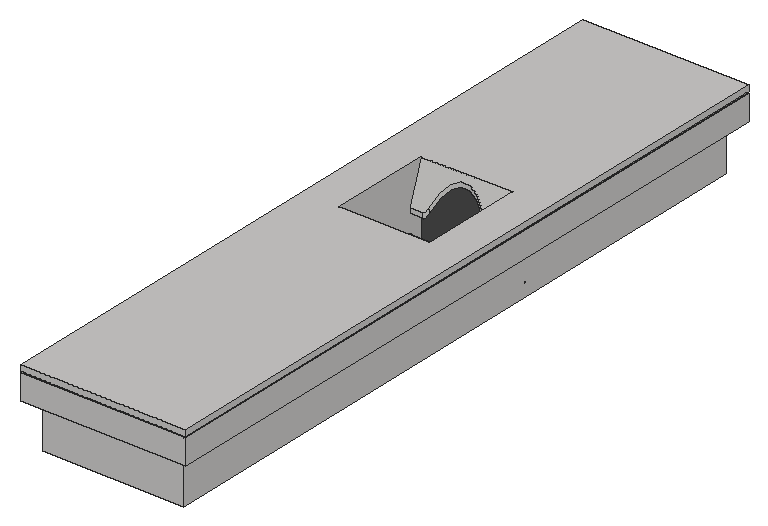
Revit family "Paper_Towel_Dispenser_Waste_Receptacle-Bobrick-TrimLineSeries-B-38032", category Specialty Equipment, host Face, Revit 2018
Family settings
  Host = Face
  Round Connector Dimension = Use Diameter
  Part Type = Normal
  OmniClass Number = 23.40.20.21.17
  OmniClass Title = Paper Towel Dispensers, Disposal Units
  Cut with Voids When Loaded = No
  Shared = Yes
  Room Calculation Point = No
Parameters (values of type "B-38032")
  Width = 13"
  Waste Container Material = Plastic-Bobrick
  Waste Capacity = "6.3-gal. (24-L)"  # constant formula
  URL = "http://www.bobrick.com/"
  Type Comments = "Dispenses 600 C-fold, 800 multifold or 1100 single fold towels."
  TowelMate Towel Rod Assembly Material = Nylon-Bobrick
  Skirt Material = Stainless Steel-Bobrick-Satin
  Rough Wall Opening Width = 11 1/2"
  Rough Wall Opening Height = 53 5/8"
  Rough Wall Opening Depth = 3 3/4"
  Revised Date = "10/15/2021"  # constant formula
  Product Page URL = "https://www.bobrick.com/products/washroom-accessories/washroom-accessories-catalog/product/b-38032/"
  Product Documentation Link = "https://www.bobrick.com/wp-content/uploads/B-38032_td.pdf"
  Paper Towel Dispenser Material = Stainless Steel-Bobrick-Satin
  Mounting Height Constraint = if(ADA, 59 3/4", if(Mounting Height < 69", 69", if(Mounting Height > 76", 76", Mounting Height)))  # 59 3/4"
  Mounting Height = 59 3/4"
  Model = "B-38032"
  Material = "Stainless Steel-Bobrick-Satin"
  Manufacturer = "Bobrick"
  Installation Type = "Rcessed Wall Mounted"
  Height = 55 1/8"
  Door Material = Stainless Steel-Bobrick-Satin
  Description = "TrimLineSeries Paper Towel Dispenser And Waste Receptacle"
  Depth = 2 9/16" + 3 5/8"  # 6 3/16"
  Default Elevation = 0"
  Creation Date = "04/17/2018"  # constant formula
  Cabinet Material = Metal-Bobrick-Stainless Steel
  Assembly Code = "C1030200"
  ADA Compliant = if(ADA, 1 > 0, 1 < 0)  # yes
  ADA = yes
  3803-130 Towel Mate = yes
Reference planes (in)
  plane 1 "Center (Front/Back)": y = 0
  plane 2: z = 0
  plane 3 "Center (Left/Right)": x = 0
  plane 4: x = -6.5
  plane 5: y = 27.5625
  plane 6: y = -27.5625
  plane 7: x = 6.5
  plane 8: x = 5.53125
  plane 9: x = -5.53125
  plane 10: y = 26.59375
  plane 11: y = -26.59375
  plane 12: z = -3.625
  plane 13: z = 2.5625
  plane 14: y = 6.6875
  plane 15: z = 2
  plane 16: z = -3.75
  plane 17: y = -33.15625
Forms (in)
  Extrusion 1, solid, material "Metal-Bobrick-Stainless Steel" <- "Cabinet Material"
    sketch origin (0, 0, 0) x (1, 0, 0) y (0, 1, 0)
      loop
        line (-6.5, 27.5625) -> (-6.5, -27.5625) -> (6.5, -27.5625) -> (6.5, 27.5625) -> (-6.5, 27.5625)
    from 0 to 2.5625
  Sweep 2, void
    path origin (0, 0, 0) x (1, 0, 0) y (0, 1, 0)
      loop
        line (-6.5, 27.5625) -> (-6.5, -27.5625) -> (6.5, -27.5625) -> (6.5, 27.5625) -> (-6.5, 27.5625)
    profile origin (0, 27.5625, 0) x (0, 1, 0) y (0, 0, 1)
      loop
        circle (0, 2) r 0.05035
  Extrusion 3, void
    sketch origin (0, -12.0625, 0) x (1, 0, 0) y (0, 1, 0)
      loop
        line (-3.71141, 20.26188) -> (-3.71141, 11.9375) -> (3.71141, 11.9375) -> (3.71141, 20.26188) -> (-3.71141, 20.26188)
    from -3.625 to 3.30553
  Extrusion 4, solid, material "Metal-Bobrick-Stainless Steel" <- "Cabinet Material"
    sketch origin (6.5, 27.5625, -3.625) x (0, -1, 0) y (0, 0, -1)
      loop
        line (54.15625, 0) -> (0.96875, 0) -> (0.96875, -0.125) -> (54.15625, -0.125) -> (54.15625, 0)
    from -12.03125 to -1.09375
  Extrusion 5, solid, material "Metal-Bobrick-Stainless Steel" <- "Cabinet Material"
    sketch origin (0, -12.0625, 0) x (1, 0, 0) y (0, 1, 0)
      loop
        line (-3.58641, 20.13688) -> (-3.58641, 12.0625) -> (3.58641, 12.0625) -> (3.58641, 20.13688) -> (-3.58641, 20.13688)
      loop
        line (-3.71141, 20.26188) -> (-3.71141, 11.9375) -> (3.71141, 11.9375) -> (3.71141, 20.26188) -> (-3.71141, 20.26188)
    from -3.625 to 2.5625
  Extrusion 6, solid, material "Metal-Bobrick-Stainless Steel" <- "Cabinet Material"
    sketch origin (0, 0, 0.53441) x (0, 1, 0) y (0, 0, 1)
      loop
        line (8.07438, 1.66265) -> (8.07438, 2.02812) -> (5.8678, -4.03441) -> (5.58766, -4.03441) -> (5.58766, -4.15941) -> (5.95532, -4.15941) -> (8.07438, 1.66265)
    from -3.58641 to 3.58641
  Extrusion 7, void
    sketch origin (0, 0, 0) x (1, 0, 0) y (0, 1, 0)
      loop
        line (-3.58641, 6.07204) -> (3.58641, 6.07204) -> (3.58641, 6.9375) -> (2.64341, 6.9375)
        arc (2.64341, 6.9375) -> (2.43706, 6.974) -> (2.25575, 7.07907) r 0.60156
        arc (2.25575, 7.07907) -> (0.03836, 7.88874) -> (-2.17892, 7.07877) r 3.44051
        arc (-2.17892, 7.07877) -> (-2.3598, 6.97392) -> (-2.56568, 6.9375) r 0.60007
        line (-2.56568, 6.9375) -> (-3.58641, 6.9375) -> (-3.58641, 6.07204)
    from -3.37756 to 2.39502
  Extrusion 8, void
    sketch origin (-5.53125, 26.59375, 0) x (-1, 0, 0) y (0, 0, -1)
      loop
        line (-10.9375, 3.5) -> (-10.9375, 0) -> (-11.90625, 0) -> (-11.90625, -2.4375) -> (0.84375, -2.4375) -> (0.84375, 0) -> (-0.125, 0) -> (-0.125, 3.5) -> (-10.9375, 3.5)
    from 26.59375 to 53.0625
  Extrusion 9, void
    sketch origin (0, 0, 0) x (1, 0, 0) y (0, 1, 0)
      loop
        line (-5.75, 26.8125) -> (-5.75, -26.8125) -> (5.75, -26.8125) -> (5.75, 26.8125) -> (-5.75, 26.8125)
    from -3.75 to 12
  Extrusion 10, solid, material "Metal-Bobrick-Stainless Steel" <- "Cabinet Material"
    sketch origin (0, 0, 0) x (1, 0, 0) y (0, 1, 0)
      loop
        line (-5.53125, 26.59375) -> (-5.53125, -26.59375) -> (5.53125, -26.59375) -> (5.53125, 26.59375) -> (-5.53125, 26.59375)
      loop
        line (-5.40625, 26.46875) -> (-5.40625, -26.46875) -> (5.40625, -26.46875) -> (5.40625, 26.46875) -> (-5.40625, 26.46875)
    from -3.625 to 2.4375
  Revolve 11, solid, material "Stainless Steel-Bobrick-Satin" <- "Paper Towel Dispenser Material", visible <- "3803-130 Towel Mate"
    sketch origin (0, 0.12286, -2.49194) x (1, 0, 0) y (0, 1, 0)
      loop
        line (-5.53125, 6.6875) -> (-5.53125, 6.64563) -> (-3.58641, 6.64563) -> (-3.58641, 6.55326) -> (3.58641, 6.55326) -> (3.58641, 6.64563) -> (5.53125, 6.64563) -> (5.53125, 6.6875) -> (-5.53125, 6.6875)
      axis (-5.53125, 6.6875) -> (5.53125, 6.6875)
    angle from 0 to 360
Cuts and joins
  Sweep 2, Extrusion 3, Extrusion 7, Extrusion 8 cuts Extrusion 1
  Extrusion 8 cuts Extrusion 4
  Extrusion 7, Extrusion 8 cuts Extrusion 5
  Extrusion 7 cuts Extrusion 6
  joined: Extrusion 1, Extrusion 4, Extrusion 5, Extrusion 6, Extrusion 10
Lines and regions (in)
  Split face 1
    outline origin (-5.40625, -26.46875, -3.5) x (1, 0, 0) y (0, 1, 0)
      loop
        line (0, 26.46875) -> (10.8125, 26.46875)
  Masking region 1
    outline origin (-6.5, 27.5625, 0) x (1, 0, 0) y (0, 0, -1)
      loop
        line (13, -2.5625) -> (13, -2.05035)
        arc (13, -2.05035) -> (12.9644, -2.0356) -> (12.94965, -2) r 0.05035
        arc (12.94965, -2) -> (12.9644, -1.9644) -> (13, -1.94965) r 0.05035
        line (13, -1.94965) -> (13, 0) -> (0, 0) -> (0, -1.94965)
        arc (0, -1.94965) -> (0.0356, -1.9644) -> (0.05035, -2) r 0.05035
        arc (0.05035, -2) -> (0.0356, -2.0356) -> (0, -2.05035) r 0.05035
        line (0, -2.05035) -> (0, -2.5625) -> (13, -2.5625)
  Split face 2
    outline origin (-6.5, 27.5625, 2.5625) x (-1, 0, 0) y (0, -1, 0)
      loop
        circle (-1.75615, 1.86771) r 0.25
  Split face 3
    outline origin (-6.5, 27.5625, 2.5625) x (-1, 0, 0) y (0, -1, 0)
      loop
        circle (-1.75615, 34.86771) r 0.25
  Split face 4
    outline origin (-6.5, 27.5625, 2.5625) x (-1, 0, 0) y (0, -1, 0)
      loop
        line (-1.7131, 1.67914) -> (-1.7131, 2.062) -> (-1.79919, 2.062) -> (-1.79919, 1.67914) -> (-1.7131, 1.67914)
  Split face 5
    outline origin (-6.5, 27.5625, 2.5625) x (-1, 0, 0) y (0, -1, 0)
      loop
        line (-1.7131, 34.67914) -> (-1.7131, 35.062) -> (-1.79919, 35.062) -> (-1.79919, 34.67914) -> (-1.7131, 34.67914)
  symbolic lines, detail levels medium+fine
    curve 1: line (6.5, 27.5625, 2.05035) -> (-6.5, 27.5625, 2.05035)
    curve 2: line (-6.5, 27.5625, 1.94965) -> (6.5, 27.5625, 1.94965)
Dimensions and locks (in)
  equal spacing: plane 4, plane 3 "Center (Left/Right)", plane 7
  "Width": plane 4 to plane 7
  equal spacing: plane 5, plane 1 "Center (Front/Back)", plane 6
  "Height": plane 5 to plane 6
  equal spacing: plane 9, plane 3 "Center (Left/Right)", plane 8
  locked: plane 9 to plane 8 at 11.0625
  equal spacing: plane 10, plane 1 "Center (Front/Back)", plane 11
  locked: plane 11 to plane 10 at 53.1875
  locked: plane 12 to level at 3.625
  plane 6 to plane 14 = 34 1/4"
  plane 13 to plane 15 = 9/16"
  plane 15 to host face = 2"
  plane 11 to plane 10 = 53 3/16"
  equal spacing: plane 11, plane 1 "Center (Front/Back)", plane 10
  "Rough Wall Opening Width": Extrusion 9 sketch curve to Extrusion 9 sketch curve
  "Rough Wall Opening Height": Extrusion 9 sketch curve to Extrusion 9 sketch curve
  "Rough Wall Opening Depth": host face to plane 16
  "Mounting Height Constraint": plane 10 to plane 17
  plane 13 to host face = 2 9/16"
  host face to plane 12 = 3 5/8"
  plane 13 to plane 12 = 6 3/16"
  aligned and locked: plane 2 to host face
  aligned and locked: level to host face
  aligned and locked: plane 13 to Extrusion 1
  aligned and locked: Sweep 2 sketch curve to plane 5
  aligned and locked: plane 4 to Sweep 2 sketch curve
  aligned and locked: plane 7 to Sweep 2 sketch curve
  aligned and locked: Sweep 2 sketch curve to plane 6
  aligned and locked: plane 13 to Extrusion 5
  aligned and locked: plane 11 to Extrusion 4
  aligned and locked: plane 10 to Extrusion 4
  aligned and locked: Extrusion 9 to plane 16
  aligned and locked: Extrusion 10 sketch curve to plane 10
  aligned and locked: Extrusion 10 sketch curve to plane 9
  aligned and locked: Extrusion 10 sketch curve to plane 11
  aligned and locked: Extrusion 10 sketch curve to plane 8
  aligned and locked: plane 12 to Extrusion 10
  aligned and locked: Extrusion 8 to cut or joined group 1 (Extrusion 1, Sweep 2, Extrusion 3, Extrusion 4, Extrusion 5, Extrusion 6, Extrusion 7, Extrusion 8, Extrusion 10)
  aligned and locked: Extrusion 4 to Extrusion 8
  aligned and locked: Extrusion 4 to Extrusion 10
  aligned and locked: Masking region 1 sketch curve to cut or joined group 1  (x7)
  aligned and locked: curve 1 to cut or joined group 1
  aligned and locked: curve 2 to cut or joined group 1
Automatic sketch dimensions
  host sketch curve to host sketch curve = 96"  (x2)
  Extrusion 1 sketch curve to plane 4 = 0"
  plane 6 to Extrusion 1 sketch curve = 0"
  Extrusion 1 sketch curve to plane 7 = 0"
  Extrusion 1 sketch curve to plane 5 = 0"
  Sweep 2 sketch curve to profile plane = 0"
  level to Sweep 2 sketch curve = 2"
  plane 1 "Center (Front/Back)" to Extrusion 3 sketch curve = 1/8"
  Extrusion 3 sketch curve to plane 9 = 1.81984"
  Extrusion 3 sketch curve to plane 8 = 1.81984"
  plane 14 to Extrusion 3 sketch curve = 1.51188"
  Extrusion 1 to Extrusion 4 sketch curve = 31/32"  (x2)
  Extrusion 4 sketch curve to Extrusion 1 = 3 1/2"
  Extrusion 4 sketch curve to Extrusion 4 sketch curve = 1/8"
  plane 1 "Center (Front/Back)" to Extrusion 5 sketch curve = 0"
  Extrusion 5 sketch curve to plane 9 = 1.81984"
  Extrusion 5 sketch curve to Extrusion 5 sketch curve = 1/8"  (x3)
  Extrusion 5 sketch curve to plane 8 = 1.94484"
  plane 1 "Center (Front/Back)" to Extrusion 5 sketch curve = 1/8"
  plane 14 to Extrusion 5 sketch curve = 1.38688"
  Extrusion 8 sketch curve to level = 0"  (x2)
  plane 7 to Extrusion 8 sketch curve = 1/8"
  Extrusion 8 sketch curve to plane 8 = 1/8"
  Extrusion 8 sketch curve to plane 9 = 1/8"
  plane 4 to Extrusion 8 sketch curve = 1/8"
  Extrusion 8 sketch curve to plane 13 = 1/8"
  Extrusion 8 sketch curve to plane 12 = 1/8"
  Extrusion 10 sketch curve to plane 9 = 1/8"
  Extrusion 10 sketch curve to plane 8 = 1/8"
  Extrusion 10 sketch curve to plane 11 = 1/8"
  Extrusion 10 sketch curve to plane 10 = 1/8"
  Revolve 11 sketch curve to plane 9 = 0"  (x2)
  Revolve 11 sketch curve to plane 8 = 0"  (x2)
  plane 14 to Revolve 11 sketch curve = 0.081"
  Revolve 11 sketch curve to plane 9 = 1.94484"
  Revolve 11 sketch curve to plane 14 = 0.01138"
  Revolve 11 sketch curve to plane 8 = 1.94484"
  Revolve 11 sketch curve to Revolve 11 sketch curve = 0.09237"
  Revolve 11 sketch curve to Revolve 11 sketch curve = 0.04187"
  Revolve 11 sketch curve to Revolve 11 sketch curve = 0"
  plane 14 to Extrusion 7 sketch curve = 1/4"  (x2)
  Extrusion 7 sketch curve to plane 9 = 1.94484"
  Extrusion 7 sketch curve to Extrusion 7 sketch curve = 1.02073"
  plane 3 "Center (Left/Right)" to Extrusion 7 sketch curve = 0.03859"
  plane 3 "Center (Left/Right)" to Extrusion 7 sketch curve = 2.64341"
  Extrusion 7 sketch curve to Extrusion 7 sketch curve = 0.943"
  Extrusion 7 sketch curve to Extrusion 7 sketch curve = 0.86546"
  Extrusion 7 sketch curve to plane 14 = 2.23927"
  plane 14 to Extrusion 7 sketch curve = 0.85007"
  plane 14 to Extrusion 7 sketch curve = 109/128"
  Extrusion 7 sketch curve to Extrusion 7 sketch curve = 0"
  plane 12 to Extrusion 6 sketch curve = 0"
  Extrusion 6 sketch curve to plane 14 = 1.09984"
  Extrusion 6 sketch curve to plane 12 = 1/8"
  Extrusion 6 sketch curve to Extrusion 6 sketch curve = 0.28013"
  Extrusion 6 sketch curve to Extrusion 6 sketch curve = 0.08753"
  plane 13 to Extrusion 6 sketch curve = 0.00003"
  plane 14 to Extrusion 6 sketch curve = 1.38688"
  plane 15 to Extrusion 6 sketch curve = 0.19705"
  Split face 1 sketch curve to cut or joined group 1 = 0"  (x3)
  Extrusion 1 to curve 1 = 0"
  curve 1 to Extrusion 1 = 0"
  Extrusion 1 to curve 2 = 0"
  curve 2 to Extrusion 1 = 0"
  Split face 2 sketch curve to cut or joined group 1 = 1.86771"
  Split face 2 sketch curve to cut or joined group 1 = 1.15745"
  Split face 3 sketch curve to cut or joined group 1 = 1.15745"
  Split face 3 sketch curve to cut or joined group 1 = 7.30521"
  Split face 4 sketch curve to cut or joined group 1 = 1.1144"
  Split face 4 sketch curve to Split face 4 sketch curve = 0.08609"
  Split face 4 sketch curve to cut or joined group 1 = 1.67914"
  Split face 4 sketch curve to Split face 4 sketch curve = 0.38286"
  Split face 5 sketch curve to cut or joined group 1 = 1.1144"
  Split face 5 sketch curve to Split face 5 sketch curve = 0.08609"
  Split face 5 sketch curve to cut or joined group 1 = 7.11664"
  Split face 5 sketch curve to Split face 5 sketch curve = 0.38286"
  Masking region 1 sketch curve to Extrusion 1 = 0"
  plane 9 to Extrusion 9 sketch curve = 7/32"
  plane 11 to Extrusion 9 sketch curve = 7/32"
  radius of Sweep 2 sketch curve = 0.05035"
  radius of Split face 2 sketch curve = 1/4"
  radius of Split face 3 sketch curve = 1/4"
